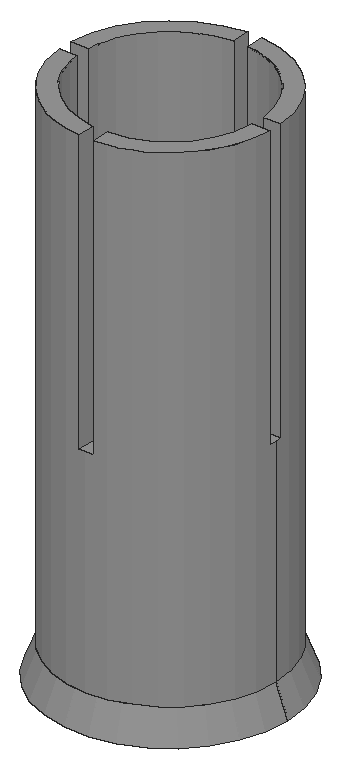
Revit family "Einschlaganker ES M 10x30", category Generic Models, Revit 2017
Family settings
  Can host rebar = No
  Round Connector Dimension = Use Diameter
  Part Type = Normal
  Work Plane-Based = No
  Always vertical = Yes
  Cut with Voids When Loaded = No
  Shared = No
  Room Calculation Point = No
Parameters (values of type "ES M 10x30")
  URL = "http://www.obo-bettermann.com"
  Material = Electrogalvanised
  Manufacturer Art.No. = "3492032"
  Manufacturer = "OBO BETTERMANN"
  GTIN = "4012196179091"
  Article Type = "ES M 10x30"
Reference planes
  plane 1 "Center (Front/Back)": y = 0
  plane 2: z = 0
  plane 3 "Center (Left/Right)": x = 0
  plane 4: z = 28.27
  plane 5: x = 6.7
  plane 6: x = -6.7
  plane 7: z = -1.73
  plane 8: z = 12.27
  plane 9: z = 12.27
  plane 10: through (0, 0, 1200) normal (-0.7071, -0.7071, 0)
  plane 11: z = 12.27
  plane 12: z = 12.27
Forms (mm)
  Extrusion 1, solid, material "Electrogalvanised" <- "Material"
    sketch origin (0, 0, 0) x (1, 0, 0) y (0, 1, 0)
      loop
        circle (0, 0) r 6
      loop
        circle (0, 0) r 5
    from 0 to 28.27
  Revolve 2, solid, material "Electrogalvanised" <- "Material"
    sketch origin (0, 0, 0) x (1, 0, 0) y (0, 0, 1)
      loop
        line (6, 0) -> (4.998, 0) -> (4.998, -1.73) -> (6.69, -1.73) -> (6, 0)
      axis (0, 0) -> (0, -1.73)
    angle from 0 to 360
  Extrusion 3, void
    sketch origin (0, 0, 0) x (1, 0, 0) y (0, 0, 1)
      loop
        line (-0.4, 28.27) -> (-0.4, 12.27) -> (0.408, 12.27) -> (0.408, 28.27) -> (-0.4, 28.27)
    from 4.729 to 6.869
  Extrusion 4, void
    sketch origin (0, 0, 0) x (1, 0, 0) y (0, 0, -1)
      loop
        line (-0.4, -28.27) -> (0.408, -28.27) -> (0.408, -12.27) -> (-0.4, -12.27) -> (-0.4, -28.27)
    from 4.729 to 6.869
  Extrusion 5, void
    sketch origin (0, 0, 0) x (0, -1, 0) y (0, 0, 1)
      loop
        line (-0.4, 28.27) -> (-0.4, 12.27) -> (0.408, 12.27) -> (0.408, 28.27) -> (-0.4, 28.27)
    from 4.729 to 6.869
  Extrusion 6, void
    sketch origin (0, 0, 0) x (0, -1, 0) y (0, 0, -1)
      loop
        line (-0.4, -28.27) -> (0.408, -28.27) -> (0.408, -12.27) -> (-0.4, -12.27) -> (-0.4, -28.27)
    from 4.729 to 6.869
Cuts and joins
  Extrusion 3, Extrusion 4, Extrusion 5, Extrusion 6 cuts Extrusion 1
Dimensions and locks
  locked: plane 3 "Center (Left/Right)" to Extrusion 1 sketch curve  (x2)
  locked: plane 3 "Center (Left/Right)" to Extrusion 1 sketch curve at 6
  locked: plane 3 "Center (Left/Right)" to Extrusion 1 sketch curve at 5
  locked: plane 4 to level at 28.27
  locked: Extrusion 1 to plane 7 at 1.73
  locked: Extrusion 1 to Revolve 2 sketch curve at 1.73
  locked: Revolve 2 sketch curve to Revolve 2 sketch curve at 1.002
  locked: Revolve 2 sketch curve to Revolve 2 sketch curve at 1.692
  locked: Extrusion 3 sketch curve to Extrusion 3 sketch curve at 0.808  (x2)
  locked: Extrusion 1 to Extrusion 3 sketch curve at 16
  locked: plane 3 "Center (Left/Right)" to Extrusion 3 sketch curve at 0.4
  locked: Extrusion 4 sketch curve to Extrusion 4 sketch curve at 0.808  (x2)
  locked: Extrusion 5 sketch curve to Extrusion 5 sketch curve at 0.808  (x2)
  locked: Extrusion 6 sketch curve to Extrusion 6 sketch curve at 0.808  (x2)
  aligned and locked: level to plane 2
  aligned and locked: plane 4 to Extrusion 1
  aligned and locked: Extrusion 1 to level
  aligned and locked: Revolve 2 sketch curve to plane 3 "Center (Left/Right)"
  aligned and locked: Revolve 2 sketch curve to level
  aligned and locked: plane 7 to Revolve 2 sketch curve
